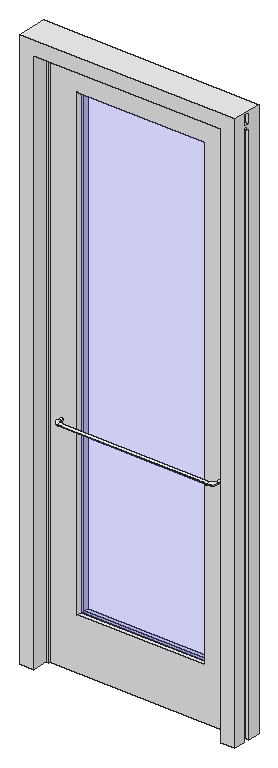
Revit family "kawneer-350_tuffline-sgl_no-tran-fr_20597", category Doors, host Wall, Revit 2015
Parameters
  Water - Static (ASTM E 331) = "product not tested"
  URL = "http://www.kawneer.com/kawneer/north_america/en/product.asp?prod_id=1818"
  Type of Glazing = "monolithic, insulating"
  Type Comments = "Medium Stile Heavy Duty Swing Door"
  Thermal Transmittance = "n/a"
  Sub Category3 = ""
  Sub Category2 = ""
  Sub Category1 = ""
  Sightline = 0"
  Short Description = "Medium Stile Heavy Duty Swing Door"
  Product data url = "https://bimobject.com/kawneerna/product/20595"
  Panel Inserts Material = Glass
  Overall U-Factor = "product not tested"
  Model = "350 Tuffline® Entrance"
  Manufacturer Part Number = "350 Tuffline® Entrance"
  Manufacturer = "Kawneer"
  Keywords = "Entrance, Door, Swing Door, Heavy Wall, Heavy Duty"
  Hurricane Resistant Tested [instance] = "product not tested"
  Hinging Types = "Offset Pivot, Butt Hinge, Continuous Gear Hinge"
  Height = 84"
  Wall Closure = By host
  Width = 32"
  Glazing Thickness = 0"
  Glass U-Factor = "product not tested"
  Glass Installtion = "outside, inside"
  Glass Capture = "Captured"
  Function (Interior or Exterior) = "Exterior"
  Function = Interior
  Door Panel Width = Width - (2" * 2)  # 28"
  Door Panel Material = Aluminum - ASTM B 221 - 6063-T6 alloy and temper
  Door Panel Height = Height - 2"  # 82"
  Door Opening = Door Panel Width  # 28"
  Door Handle Material = Aluminum - ASTM B 221 - 6063-T6 alloy and temper
  Door Corner Construction = "Welded"
  Design Pressure = "n/a"
  Design Load = "n/a"
  Description = "The \"350 Tuffline\" medium stile heavy duty door offers durability in high abuse applications and is designed for  schools, universities, sports stadiums, and other high abuse areas."
  Depth = 2"
  Color = "any"
  Cladding Type = "n/a"
  CSI Masterformat Code = "08 41 13"
  Assembly Code = "B2030110"
  Application = "high traffic, high abuse"
  Air Infiltration (ASTM E 283) = "< 0.50 cfm/ft2  @ 6.24 psf (300 Pa), Single Doors"
  2-Color Option = "no"
Reference planes
  plane 1 "Centre Wall": y = 0
  plane 2 "Center (Left/Right)": x = 0
  plane 3 "Left": x = -406.4
  plane 4 "Right": x = 406.4
  plane 5: z = 2133.6
  plane 6 "Exterior": y = 75
  plane 7 "Interior": y = -75
  plane 8: x = -355.6
  plane 9: x = 355.6
Forms (mm)
  Sweep 1, solid, material "Aluminum - ASTM B 221 - 6063-T6 alloy and temper" <- "Door Panel Material"
    path origin (0, 0, 0) x (1, 0, 0) y (0, 0, 1)
      loop
        line (406.4, 2133.6) -> (406.4, 0)
    profile "TLFrame : TLFrame" origin (406.4, 0, 1066.8) x (1, 0, 0) y (0, -1, 0)
      loop
        line (-60.8, -6.375) -> (-50.8, -6.375) -> (-50.8, -57.175) -> (0, -57.175) -> (0, -12.125) -> (-17.25, -12.125) -> (-17.25, 12.125) -> (0, 12.125) -> (0, 57.125) -> (-50.8, 57.125) -> (-50.8, -1.375) -> (-60.8, -1.375) -> (-60.8, -6.375)
      loop
        line (-5, -17.125) -> (-22.25, -17.125) -> (-22.25, 17.125) -> (-5, 17.125) -> (-5, 52.125) -> (-45.8, 52.125) -> (-45.8, -52.175) -> (-5, -52.175) -> (-5, -17.125)
  Sweep 2, solid, material "Aluminum - ASTM B 221 - 6063-T6 alloy and temper" <- "Door Panel Material"
    path origin (0, 0, 0) x (1, 0, 0) y (0, 0, 1)
      loop
        line (-406.4, 2133.6) -> (-406.4, 0)
    profile "TLFrame : TLFrame" origin (-406.4, 0, 1066.8) x (1, 0, 0) y (0, -1, 0)
      loop
        line (60.8, -6.375) -> (60.8, -1.375) -> (50.8, -1.375) -> (50.8, 57.125) -> (0, 57.125) -> (0, 12.125) -> (17.25, 12.125) -> (17.25, -12.125) -> (0, -12.125) -> (0, -57.175) -> (50.8, -57.175) -> (50.8, -6.375) -> (60.8, -6.375)
      loop
        line (5, -17.125) -> (5, -52.175) -> (45.8, -52.175) -> (45.8, 52.125) -> (5, 52.125) -> (5, 17.125) -> (22.25, 17.125) -> (22.25, -17.125) -> (5, -17.125)
  Sweep 3, solid, material "Aluminum - ASTM B 221 - 6063-T6 alloy and temper" <- "Door Panel Material"
    path origin (0, 0, 0) x (1, 0, 0) y (0, 0, 1)
      loop
        line (406.4, 2133.6) -> (-406.4, 2133.6)
    profile "TLTopFrame : TLTopFrame" origin (0, 0, 2133.6) x (0, 0, -1) y (0, -1, 0)
      loop
        line (60.8, -6.35) -> (60.8, -1.35) -> (50.8, -1.35) -> (50.8, 57.15) -> (0, 57.15) -> (0, -57.15) -> (50.8, -57.15) -> (50.8, -6.35) -> (60.8, -6.35)
      loop
        line (5, -52.15) -> (45.8, -52.15) -> (45.8, 52.15) -> (5, 52.15) -> (5, -52.15)
Cuts and joins
  joined: Sweep 1, Sweep 2, Sweep 3
Lines and regions (mm)
  Opening 1
    outline origin (-3050, -75, 0) x (1, 0, 0) y (0, 0, 1)
      loop
        line (2643.6, 0) -> (3456.4, 0) -> (3456.4, 2133.6) -> (2643.6, 2133.6) -> (2643.6, 0)
  symbolic lines
    curve 1: line (-355.6, 768.375, 0) -> (-304.8, 768.375, 0)
    curve 2: line (-355.6, 57.175, 0) -> (-355.6, 768.375, 0)
    curve 3: line (-304.8, 57.175, 0) -> (-355.6, 57.175, 0)
    curve 4: line (-304.8, 768.375, 0) -> (-304.8, 57.175, 0)
    curve 5: arc (-304.8, 768.375, 0) -> (161.833, 539.462, 0) -> (355.6, 57.175, 0) r 725.493
Text (mm)
  text "Exterior" at (-2295.016, 1099.543, 0), in view "Ref. Level"
  text "Exterior" at (0, 1615.38, 3698.081), in view "Left"
  text "Exterior" at (0, 1036.032, 3874.932), in view "Right"
Dimensions and locks
  equal spacing: plane 3 "Left", plane 2 "Center (Left/Right)", plane 4 "Right"
  "Width": plane 3 "Left" to plane 4 "Right"
  "Height": plane 5 to host wall
  host wall to plane 5 = 84"  (x2)
  locked: plane 6 "Exterior" to host wall at 0
  locked: plane 7 "Interior" to host wall
  locked: plane 3 "Left" to plane 8 at 50.8
  locked: plane 9 to plane 4 "Right" at 50.8
  "Door Panel Width": curve 1 to cut or joined group of Sweep 1, Sweep 2, Sweep 3
  "Depth": curve 2 to curve 4
  aligned and locked: plane 3 "Left" to Opening 1 sketch curve
  aligned and locked: plane 5 to Opening 1 sketch curve  (x2)
  aligned and locked: Opening 1 sketch curve to plane 4 "Right"
  aligned and locked: Opening 1 sketch curve to level
  aligned and locked: plane 1 "Centre Wall" to host wall
  aligned and locked: plane 5 to Sweep 1 sketch curve
  aligned and locked: level to Sweep 1 sketch curve
  aligned and locked: plane 5 to Sweep 2 sketch curve
  aligned and locked: level to Sweep 2 sketch curve
  aligned and locked: plane 4 "Right" to Sweep 3 sketch curve
  aligned and locked: plane 3 "Left" to Sweep 3 sketch curve
  aligned and locked: nested 1 to plane 2 "Center (Left/Right)"
  aligned and locked: nested 1 to cut or joined group of Sweep 1, Sweep 2, Sweep 3
  aligned and locked: plane 8 to curve 2
  aligned and locked: cut or joined group of Sweep 1, Sweep 2, Sweep 3 to curve 3
  aligned and locked: plane 9 to curve 5
  aligned and locked: cut or joined group of Sweep 1, Sweep 2, Sweep 3 to curve 5
Automatic sketch dimensions
  Sweep 1 sketch curve to plane 4 "Right" = 0"
  Sweep 2 sketch curve to plane 3 "Left" = 0"
  Sweep 3 sketch curve to plane 5 = 0"
  curve 5 to curve 2 = 0.44785"
Nested families
  nested 1: "Kawneer-350_Tuffline-Sgl.rf" at (-310.356, -18.225, 0) x (-1, 0, 0) z (0, 0, 1), type "Kawneer-350_Tuffline-Sgl.rf"
    with Width 28", Height 82", Door Handle Width 23 1/2"
Definition of nested family "Kawneer-350_Tuffline-Sgl.rf"
  Parameters
    Width = 32"
    Water - static (ASTM E 331) = ""
    Type of Glazing = ""
    Thermal transmittance = ""
    Sub Category3 = ""
    Sub Category2 = ""
    Sub Category1 = ""
    Short Description = ""
    Performance standards = ""
    Panel Inserts Material = none
    Overall U-Factor = ""
    Mfr Part Num = ""
    Manufacturer = "Kawneer"
    Keywords = ""
    Hurricane Resistant Tested = ""
    Hinging Types = ""
    Height = 84"
    Glass capture = ""
    Glass U-Factor = ""
    Glass Installtion = ""
    Function (Interior or Exterior) = ""
    Door Panel Material = none
    Door Hangle Material = none
    Door Hangle Height = 33 25/256"
    Door Handle Width = Width - (2 1/4" * 2)  # 27 1/2"
    Door Corner Construction = ""
    Design load = ""
    Design Pressure = ""
    Depth = 2"
    Color = ""
    Cladding Type = ""
    CSI Mastformat Code = ""
    Assembly Code = "B2030110"
    Application = ""
    Air Infiltration (ASTM E 283) = ""
    2-Color Option = ""
  Reference planes
    plane 1 "Center (Front/Back)": y = -50
    plane 2: z = 0
    plane 3 "Center (Left/Right)": x = -310.356
    plane 4: x = -716.756
    plane 5: x = 96.044
    plane 6: y = -24.6
    plane 7: y = -75.4
    plane 8: z = 2133.6
    plane 9: z = 840.68
    plane 10: x = -602.456
    plane 11: x = -18.256
    plane 12: x = -659.606
  Forms (mm)
    Sweep 1, solid, material <- "Door Panel Material"
      path origin (0, -50, 0) x (1, 0, 0) y (0, 0, 1)
        loop
          line (-716.756, 2133.6) -> (-716.756, 0)
      profile "TL Side : TL Side" origin (-716.756, -50, 1066.8) x (1, 0, 0) y (0, -1, 0)
        loop
          line (83.9, -20.4) -> (83.9, 20.439) -> (4.961, 20.439) -> (4.961, -20.4) -> (83.9, -20.4)
        loop
          line (114.3, 25.4) -> (0, 25.4) -> (0, -25.4) -> (114.3, -25.4) -> (114.3, -5.418) -> (109.339, -5.418) -> (109.339, -20.4) -> (88.9, -20.4) -> (88.9, 20.4) -> (109.339, 20.4) -> (109.339, 5.418) -> (114.3, 5.418) -> (114.3, 25.4)
    Sweep 2, solid, material <- "Door Panel Material"
      path origin (0, -50, 0) x (1, 0, 0) y (0, 0, 1)
        loop
          line (96.044, 2133.6) -> (96.044, 0)
      profile "TL Side : TL Side" origin (96.044, -50, 1066.8) x (1, 0, 0) y (0, -1, 0)
        loop
          line (-83.9, 20.4) -> (-83.9, -20.439) -> (-4.961, -20.439) -> (-4.961, 20.4) -> (-83.9, 20.4)
        loop
          line (-114.3, -25.4) -> (0, -25.4) -> (0, 25.4) -> (-114.3, 25.4) -> (-114.3, 5.418) -> (-109.339, 5.418) -> (-109.339, 20.4) -> (-88.9, 20.4) -> (-88.9, -20.4) -> (-109.339, -20.4) -> (-109.339, -5.418) -> (-114.3, -5.418) -> (-114.3, -25.4)
    Sweep 3, solid, material <- "Door Panel Material"
      path origin (0, -50, 0) x (1, 0, 0) y (0, 0, 1)
        loop
          line (-602.456, 2133.6) -> (-18.256, 2133.6)
      profile "TL Top : TL Top" origin (-310.356, -50, 2133.6) x (0, 0, 1) y (0, -1, 0)
        loop
          line (-73.225, 20.4) -> (-73.225, -20.439) -> (-15, -20.439) -> (-15, 20.4) -> (-73.225, 20.4)
        loop
          line (-78.225, -20.4) -> (-106.164, -20.4) -> (-106.164, -5.418) -> (-111.125, -5.418) -> (-111.125, -25.4) -> (0, -25.4) -> (0, -20.4) -> (-10, -20.4) -> (-10, 20.4) -> (0, 20.4) -> (0, 25.4) -> (-111.125, 25.4) -> (-111.125, 5.418) -> (-106.164, 5.418) -> (-106.164, 20.4) -> (-78.225, 20.4) -> (-78.225, -20.4)
    Sweep 4, solid, material <- "Door Panel Material"
      path origin (0, -50, 0) x (1, 0, 0) y (0, 0, 1)
        loop
          line (-602.456, 0) -> (-18.256, 0)
      profile "TL Bottom : TL Bottom" origin (-310.356, -50, 0) x (0, 0, 1) y (0, -1, 0)
        loop
          line (158.95, -20.4) -> (158.95, 20.439) -> (15, 20.439) -> (15, -20.4) -> (158.95, -20.4)
        loop
          line (163.95, 20.4) -> (191.889, 20.4) -> (191.889, 5.418) -> (196.85, 5.418) -> (196.85, 25.4) -> (0, 25.4) -> (0, 20.4) -> (10, 20.4) -> (10, -20.4) -> (0, -20.4) -> (0, -25.4) -> (196.85, -25.4) -> (196.85, -5.418) -> (191.889, -5.418) -> (191.889, -20.4) -> (163.95, -20.4) -> (163.95, 20.4)
    Extrusion 5, solid, material <- "Panel Inserts Material"
      sketch origin (0, 0, 0) x (1, 0, 0) y (0, 1, 0)
        loop
          line (-607.417, -44.582) -> (-607.417, -55.418) -> (-13.295, -55.418) -> (-13.295, -44.582) -> (-607.417, -44.582)
      from 191.889 to 2027.436
  Cuts and joins
    joined: Sweep 1, Sweep 2, Sweep 3, Sweep 4
  Dimensions and locks
    equal spacing: plane 4, plane 3 "Center (Left/Right)", plane 5
    equal spacing: plane 6, plane 1 "Center (Front/Back)", plane 7
    "Depth": plane 6 to plane 7
    "Width": plane 4 to plane 5
    "Height": plane 8 to level
    "Door Hangle Height": plane 9 to level
    locked: plane 4 to plane 10 at 114.3
    locked: plane 11 to plane 5 at 114.3
    locked: plane 4 to plane 12 at 57.15
    aligned and locked: plane 8 to Sweep 1 sketch curve
    aligned and locked: level to Sweep 1 sketch curve
    aligned and locked: plane 8 to Sweep 2 sketch curve
    aligned and locked: level to Sweep 2 sketch curve
    aligned and locked: plane 10 to Sweep 3 sketch curve
    aligned and locked: plane 11 to Sweep 3 sketch curve
    aligned and locked: plane 10 to Sweep 4 sketch curve
    aligned and locked: plane 11 to Sweep 4 sketch curve
    aligned and locked: plane 7 to nested 1
    aligned and locked: plane 12 to nested 1
    aligned and locked: plane 9 to nested 1
    aligned and locked: nested 2 to plane 6
    aligned and locked: nested 2 to plane 12
    aligned and locked: nested 2 to plane 9
    aligned and locked: Extrusion 5 sketch curve to cut or joined group of Sweep 1, Sweep 2, Sweep 3, Sweep 4  (x2)
    aligned and locked: cut or joined group of Sweep 1, Sweep 2, Sweep 3, Sweep 4 to Extrusion 5 sketch curve  (x2)
    aligned and locked: cut or joined group of Sweep 1, Sweep 2, Sweep 3, Sweep 4 to Extrusion 5  (x2)
  Automatic sketch dimensions
    Sweep 1 sketch curve to plane 4 = 0"
    Sweep 2 sketch curve to plane 5 = 0"
    Sweep 3 sketch curve to plane 8 = 0"
    Sweep 4 sketch curve to level = 0"
  Nested families
    nested 1: "Style CO 9 Pull" at (-697.641, -75.4, 612.08), type "Style CO 9 Pull"
    nested 2: "Style CP II Push Bar" at (-260.356, -24.6, 840.68), type "Style CP II Push Bar"
      with Width 27 1/2"
  Definition of nested family "Style CO 9 Pull"
    Parameters
      Width = 1.1811"
      Height = 9"
      Hangle Material = none
      Depth = 1.1811"
    Reference planes
      plane 1 "Center (Front/Back)": y = 0
      plane 2: z = 0
      plane 3 "Center (Left/Right)": x = 53.034
      plane 4: y = -30
      plane 5: x = 38.034
      plane 6: x = 68.034
      plane 7: x = 46.034
      plane 8 "Top": z = 228.6
      plane 9: x = 60.034
      plane 10: z = 220.6
      plane 11: z = 8
    Forms (mm)
      Sweep 1, solid, material <- "Hangle Material"
        path origin (0, 0, 0) x (1, 0, 0) y (0, 1, 0)
          loop
            line (38.034, 0) -> (38.034, -23)
            arc (38.034, -23) -> (40.085, -27.95) -> (45.034, -30) r 7
            line (45.034, -30) -> (60.034, -30)
        profile origin (38.034, -11.5, 0) x (1, 0, 0) y (0, 0, 1)
          loop
            circle (0, 0) r 5
      Sweep 2, solid, material <- "Hangle Material"
        path origin (0, 0, 228.6) x (-1, 0, 0) y (0, -1, 0)
          loop
            line (-38.034, 0) -> (-38.034, 23)
            arc (-38.034, 23) -> (-40.085, 27.95) -> (-45.034, 30) r 7
            line (-45.034, 30) -> (-60.034, 30)
        profile origin (38.034, -11.5, 228.6) x (1, 0, 0) y (0, 0, 1)
          loop
            circle (0, 0) r 5
      Sweep 3, solid, material <- "Hangle Material"
        path origin (-1540.712, -30, 1200) x (-1, 0, 0) y (0, 0, 1)
          loop
            arc (-1600.747, -1200) -> (-1606.404, -1197.657) -> (-1608.747, -1192) r 8
            line (-1608.747, -1192) -> (-1608.747, -979.4)
            arc (-1608.747, -979.4) -> (-1606.404, -973.743) -> (-1600.747, -971.4) r 8
        profile origin (68.034, -30, 114.3) x (1, 0, 0) y (0, 1, 0)
          loop
            circle (0, 0) r 5
    Cuts and joins
      joined: Sweep 1, Sweep 2, Sweep 3
    Dimensions and locks
      "Depth": plane 4 to plane 1 "Center (Front/Back)"
      equal spacing: plane 5, plane 3 "Center (Left/Right)", plane 6
      locked: plane 5 to plane 7 at 8
      "Width": plane 5 to plane 6
      "Height": plane 8 "Top" to level
      locked: plane 9 to plane 6 at 8
      locked: level to plane 11 at 8
      locked: plane 10 to plane 8 "Top" at 8
      aligned and locked: Sweep 1 sketch curve to plane 5
      aligned and locked: Sweep 1 sketch curve to plane 4
      aligned and locked: plane 1 "Center (Front/Back)" to Sweep 1 sketch curve
      aligned and locked: plane 9 to Sweep 1 sketch curve
      aligned and locked: Sweep 2 sketch curve to plane 5
      aligned and locked: Sweep 2 sketch curve to plane 4
      aligned and locked: plane 1 "Center (Front/Back)" to Sweep 2 sketch curve
      aligned and locked: plane 9 to Sweep 2 sketch curve
      aligned and locked: plane 6 to Sweep 3 sketch curve  (x2)
      aligned and locked: plane 10 to Sweep 3 sketch curve
      aligned and locked: plane 11 to Sweep 3 sketch curve
      aligned and locked: plane 9 to Sweep 3 sketch curve  (x2)
      aligned and locked: plane 8 "Top" to Sweep 3 sketch curve
      aligned and locked: level to Sweep 3 sketch curve
      aligned and locked: plane 4 to Sweep 3 sketch curve
    Automatic sketch dimensions
      Sweep 1 sketch curve to plane 7 = 0.03937"
      Sweep 1 sketch curve to level = 0"
      Sweep 1 sketch curve to profile plane = 0"
      Sweep 2 sketch curve to plane 7 = 0.03937"
      Sweep 2 sketch curve to plane 8 "Top" = 0"
      Sweep 2 sketch curve to profile plane = 0"
      radius of Sweep 1 sketch curve = 0.19685"
      radius of Sweep 2 sketch curve = 0.19685"
      radius of Sweep 3 sketch curve = 0.19685"
  Definition of nested family "Style CP II Push Bar"
    Parameters
      Width = 28"
      Hangle Material = none
      Depth = 1.1811"
    Reference planes
      plane 1 "Center (Front/Back)": y = 0
      plane 2: z = 0
      plane 3 "Center (Left/Right)": x = -50
      plane 4: x = -405.6
      plane 5: x = 305.6
      plane 6: y = -30
      plane 7: z = 0
    Forms (mm)
      Sweep 1, solid, material <- "Hangle Material"
        path origin (0, 0, 0) x (1, 0, 0) y (0, 1, 0)
          loop
            line (-405.6, 0) -> (-405.6, -15)
            arc (-405.6, -15) -> (-401.207, -25.607) -> (-390.6, -30) r 15
            line (-390.6, -30) -> (290.6, -30)
            arc (290.6, -30) -> (301.207, -25.607) -> (305.6, -15) r 15
            line (305.6, -15) -> (305.6, 0)
        profile origin (-50, -30, 0) x (0, 1, 0) y (0, 0, 1)
          loop
            circle (0, 0) r 5
    Dimensions and locks
      "Depth": plane 6 to plane 1 "Center (Front/Back)"
      equal spacing: plane 4, plane 3 "Center (Left/Right)", plane 5
      "Width": plane 4 to plane 5
      aligned and locked: Sweep 1 sketch curve to plane 5
      aligned and locked: plane 1 "Center (Front/Back)" to Sweep 1 sketch curve  (x2)
      aligned and locked: Sweep 1 sketch curve to plane 4
      aligned and locked: level to plane 7
    Automatic sketch dimensions
      Sweep 1 sketch curve to level = 0"
      Sweep 1 sketch curve to profile plane = 0"
      Sweep 1 sketch curve to plane 6 = 0"
      plane 4 to Sweep 1 sketch curve = 0.59055"
      plane 1 "Center (Front/Back)" to Sweep 1 sketch curve = 0.59055"
      radius of Sweep 1 sketch curve = 0.19685"
